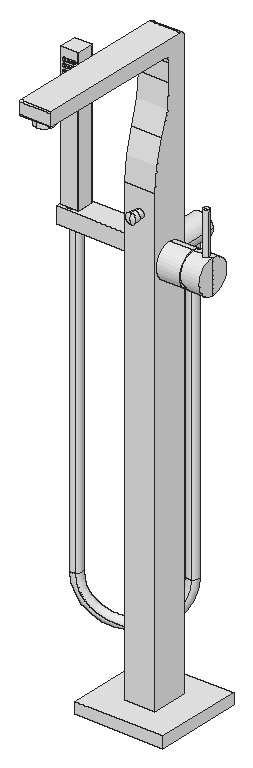
Revit family "Bath_Mixer-GROHE-Eurocube-23672000", category Plumbing Fixtures, Revit 2014
Parameters (values of type "D35900900.100")
  Width = 7 13/16"  # constant formula
  Waste Connection = no
  Warranty Documentation Link = "https://www.dxv.com/-/media/files/dxv/warranty/dxv_warranty_booklet.ashx"
  WFU = 4  # constant formula
  Vent Connection = no
  URL = ""
  Tempered Water Connection Diameter = 1/2"  # constant formula
  Product Page URL = "https://www.dxv.com/product/square-floor-mount-tub-faucet-by-dxv"
  Product Documentation Link = "https://dxv01.blob.core.windows.net/dxv-product-pdf-files/spec_D35900900_DXV_Square_FMTF_EN.pdf"
  Price = "Prices may vary. Please consult Manufacturer Representative for most up-to-date price list."  # constant formula
  Model = "D35900900.100"
  Materials = Cast Brass-DXV-100-Polished Chrome
  Manufacturer = "DXV"  # constant formula
  Length = 7 3/8"  # constant formula
  Installation Type = "Floor Mounted"  # constant formula
  Hot Water Connection Diameter = 1/2"  # constant formula
  Height = 32 5/8"  # constant formula
  HWFU = 3  # constant formula
  HW Connection = yes
  Flow Rate = "2.0 gpm (7.6 L/min)"
  Description = "Square Floor Mount Tub Filler"
  Default Elevation = 0"
  Creation Date = "03/15/2019"  # constant formula
  Cold Water Connection Diameter = 1/2"  # constant formula
  CWFU = 3  # constant formula
  CW Connection = yes
  Assembly Code = "D2020300"
Types (7): name | Product Page URL | Model | Materials | Flow Rate
  (no name) | "https://www.dxv.com/product/square-floor-mount-tub-faucet-by-dxv" | "D35900900.100" | Cast Brass-DXV-100-Polished Chrome | "2.0 gpm (7.6 L/min)"
  D35900900.100 | "https://www.dxv.com/product/square-floor-mount-tub-faucet-by-dxv" | "D35900900.100" | Cast Brass-DXV-100-Polished Chrome | "2.0 gpm (7.6 L/min)"
  D35900900C.100 | "https://www.dxv.com/product/square-water-saving-floor-mount-bathtub-faucet" | "D35900900C.100" | Cast Brass-DXV-100-Polished Chrome | "1.8 gpm (6.8 L/min)"
  D35900900.144 | "https://www.dxv.com/product/square-floor-mount-tub-faucet-by-dxv" | "D35900900.144" | Cast Brass-DXV-144-Brushed Nickel | "2.0 gpm (7.6 L/min)"
  D35900900C.144 | "https://www.dxv.com/product/square-water-saving-floor-mount-bathtub-faucet" | "D35900900C.144" | Cast Brass-DXV-144-Brushed Nickel | "1.8 gpm (6.8 L/min)"
  D35900900.243 | "https://www.dxv.com/product/square-floor-mount-tub-faucet-by-dxv" | "D35900900.243" | Cast Brass-DXV-243-Matte Black | "2.0 gpm (7.6 L/min)"
  D35900900C.243 | "https://www.dxv.com/product/square-water-saving-floor-mount-bathtub-faucet" | "D35900900C.243" | Cast Brass-DXV-243-Matte Black | "1.8 gpm (6.8 L/min)"
Reference planes (in)
  plane 1 "Center (Front/Back)": y = 0
  plane 2: z = 0
  plane 3 "Center (Left/Right)": x = 0
  plane 4: z = 32.625
  plane 5: x = -2.375
  plane 6: x = 2.375
  plane 7: y = -2.375
  plane 8: y = 2.375
  plane 9: z = 0.59055
  plane 10: x = -0.8125
  plane 11: x = 0.8125
  plane 12: x = -4.65625
  plane 13: x = 3.15625
  plane 14: z = 22
  plane 15: z = 21.09236
  plane 16: z = 25.15486
  plane 17: z = 22.96584
  plane 18: z = 30.59084
  plane 19: y = -7.375
  plane 20: y = 0.96875
  plane 21: y = -0.96875
Forms (in)
  Extrusion 1, solid, material "Cast Brass-DXV-100-Polished Chrome" <- "Materials"
    sketch origin (0, 0, 0) x (1, 0, 0) y (0, 1, 0)
      loop
        line (-2.375, 2.375) -> (-2.375, -2.375) -> (2.375, -2.375) -> (2.375, 2.375) -> (-2.375, 2.375)
    from 0 to 0.59055
  Extrusion 2, solid, material "Cast Brass-DXV-100-Polished Chrome" <- "Materials"
    sketch origin (0, 0, 0) x (0, 1, 0) y (0, 0, 1)
      loop
        line (0.76097, 32.625) -> (-7.9375, 32.625)
        arc (-7.9375, 32.625) -> (-7.98169, 32.60669) -> (-8, 32.5625) r 0.0625
        line (-8, 32.5625) -> (-8, 31.9375)
        arc (-8, 31.9375) -> (-7.98169, 31.89331) -> (-7.9375, 31.875) r 0.0625
        line (-7.9375, 31.875) -> (-0.37352, 31.875)
        arc (-0.37352, 31.875) -> (-0.1094, 31.7656) -> (0, 31.50148) r 0.37352
        line (0, 31.50148) -> (0, 30.55548)
        arc (0, 30.55548) -> (-0.12167, 29.29598) -> (-0.48219, 28.08307) r 6.57973
        arc (-0.48219, 28.08307) -> (-0.84597, 26.85914) -> (-0.96875, 25.58822) r 6.63945
        line (-0.96875, 25.58822) -> (-0.96875, 0.59055) -> (0.96875, 0.59055) -> (0.96875, 32.41722)
        arc (0.96875, 32.41722) -> (0.90789, 32.56414) -> (0.76097, 32.625) r 0.20778
    from -0.8125 to 0.8125
  Extrusion 3, solid, material "Cast Brass-DXV-100-Polished Chrome" <- "Materials"
    sketch origin (0, 0, 0) x (1, 0, 0) y (0, 1, 0)
      loop
        circle (-0.29957, 0) r 0.25
      loop
        circle (0.29957, 0) r 0.25
    from 0 to 0.0625
  Extrusion 4, solid, material "Cast Brass-DXV-100-Polished Chrome" <- "Materials"
    sketch origin (0, 0, -2.18077) x (1, 0, 0) y (0, 0, 1)
      loop
        circle (0, 24.18997) r 0.63423
    from -3.18155 to 0
  Revolve 5, solid, material "Cast Brass-DXV-100-Polished Chrome" <- "Materials"
    sketch origin (0, 0, 0.13173) x (0, 1, 0) y (0, 0, 1)
      loop
        line (-0.62351, 24.24625) -> (-0.62351, 24.46556) -> (-1.31901, 24.46556) -> (-1.31901, 24.52057) -> (-1.56123, 24.52057)
        arc (-1.56123, 24.52057) -> (-1.59982, 24.38575) -> (-1.61405, 24.24625) r 0.79272
        line (-1.61405, 24.24625) -> (-0.62351, 24.24625)
      axis (-1.61405, 24.24625) -> (-0.62351, 24.24625)
    angle from 0 to 360
  Sweep 6, solid, material "Cast Brass-DXV-100-Polished Chrome" <- "Materials"
    path origin (-1.53408, 1.66234, -2.18077) x (0.847773, 0.530359, 0) y (0, 0, 1)
      loop
        line (1.80955, 23.99107) -> (1.80955, 7.45534)
        arc (1.80955, 7.45534) -> (-0.65773, 4.98807) -> (-3.125, 7.45534) r 2.46727
        line (-3.125, 7.45534) -> (-3.125, 24.70534)
    profile origin (0, 2.62205, 13.54244) x (0.530359, -0.847773, 0) y (0.847773, 0.530359, 0)
      loop
        circle (0, 0) r 0.2891
  Revolve 7, solid, material "Cast Brass-DXV-100-Polished Chrome" <- "Materials"
    sketch origin (1.15022, 0, 0.13173) x (1, 0, 0) y (0, 0, 1)
      loop
        line (1.66437, 25.02313) -> (1.51055, 25.02313) -> (1.51055, 21.86827) -> (1.66437, 21.86827) -> (1.66437, 25.02313)
      axis (1.66437, 25.02313) -> (1.66437, 21.86827)
    angle from 0 to 360
  Revolve 8, solid, material "Cast Brass-DXV-100-Polished Chrome" <- "Materials"
    sketch origin (-5.15527, 0, 23.81631) x (1, 0, 0) y (0, 0, 1)
      loop
        line (0.55896, -0.99754) -> (0.55896, -1.21496) -> (0.60925, -1.26526) -> (0.60925, -1.3125) -> (0.97146, -1.3125) -> (0.97146, -0.83171) -> (0.66635, -0.83171)
        arc (0.66635, -0.83171) -> (0.65047, -0.91899) -> (0.60925, -0.99754) r 0.2937
        line (0.60925, -0.99754) -> (0.55896, -0.99754)
      axis (0.97146, -0.83171) -> (0.97146, -1.3125)
    angle from 0 to 360
  Revolve 9, solid, material "Cast Brass-DXV-100-Polished Chrome" <- "Materials"
    sketch origin (1.15022, 0, -0.25101) x (1, 0, 0) y (0, 0, 1)
      loop
        line (-1.15022, 22.25101) -> (2.00603, 22.25101) -> (2.00603, 23.15865) -> (0.99041, 23.15865) -> (0.99041, 23.01035) -> (0.95916, 23.01035) -> (0.95916, 23.15865) -> (-1.15022, 23.15865) -> (-1.15022, 22.25101)
      axis (2.00603, 22.25101) -> (-1.15022, 22.25101)
    angle from 0 to 360
  Extrusion 10, void
    sketch origin (0, 0, -0.38274) x (1, 0, 0) y (0, 0, 1)
      loop
        line (2.10938, 22.33765) -> (2.10938, 21.38493) -> (2.6053, 21.38493) -> (2.14063, 22.33765) -> (2.10938, 22.33765)
    from -1.03258 to 0.94048
  Revolve 11, solid, material "Cast Brass-DXV-100-Polished Chrome" <- "Materials"
    sketch origin (0, 0, -0.35712) x (1, 0, 0) y (0, 0, 1)
      loop
        line (2.10938, 22.38274) -> (2.10938, 21.54679)
        arc (2.10938, 21.54679) -> (2.38794, 21.92569) -> (2.49871, 22.38274) r 1.19487
        line (2.49871, 22.38274) -> (2.10938, 22.38274)
      axis (2.49871, 22.38274) -> (2.10938, 22.38274)
    angle from 0 to 360
  Extrusion 12, solid, material "Cast Brass-DXV-100-Polished Chrome" <- "Materials"
    sketch origin (-2.01018, 0, -1.07619) x (1, 0, 0) y (0, 1, 0)
      loop
        line (1.19768, -0.60781) -> (1.19768, 0.64219) -> (-2.72312, 0.64219) -> (-2.72312, 0.30006) -> (-2.5661, 0.30006)
        arc (-2.5661, 0.30006) -> (-1.69711, 0) -> (-2.5661, -0.30006) r 0.4863
        line (-2.5661, -0.30006) -> (-2.72312, -0.30006) -> (-2.72312, -0.60781) -> (1.19768, -0.60781)
    from 23.11731 to 23.98244
  Extrusion 13, solid, material "Cast Brass-DXV-100-Polished Chrome" <- "Materials"
    sketch origin (-5.15527, 0, 22.57213) x (1, 0, 0) y (0, 1, 0)
      loop
        line (1.42385, 0.47243) -> (0.51906, 0.47243)
        arc (0.51906, 0.47243) -> (0.50489, 0.46656) -> (0.49902, 0.45239) r 0.02004
        line (0.49902, 0.45239) -> (0.49902, -0.45239)
        arc (0.49902, -0.45239) -> (0.50489, -0.46656) -> (0.51906, -0.47243) r 0.02004
        line (0.51906, -0.47243) -> (1.42385, -0.47244)
        arc (1.42385, -0.47244) -> (1.43802, -0.46656) -> (1.44389, -0.45239) r 0.02004
        line (1.44389, -0.45239) -> (1.44389, 0.45239)
        arc (1.44389, 0.45239) -> (1.43802, 0.46656) -> (1.42385, 0.47243) r 0.02004
    from 0.39371 to 8.01871
  Extrusion 14, solid, material "Cast Brass-DXV-100-Polished Chrome" <- "Materials"
    sketch origin (-5.15527, 0, 23.35338) x (1, 0, 0) y (0, 0, 1)
      loop
        circle (0.70374, 6.70916) r 0.06317
      loop
        circle (0.88287, 6.70916) r 0.06317
      loop
        circle (0.70374, 6.41389) r 0.06317
      loop
        circle (0.88287, 6.41389) r 0.06317
      loop
        circle (0.70374, 6.1186) r 0.06317
      loop
        circle (0.88287, 6.1186) r 0.06317
      loop
        circle (0.70374, 5.82334) r 0.06317
      loop
        circle (0.88287, 5.82334) r 0.06317
      loop
        circle (0.70374, 5.52806) r 0.06317
      loop
        circle (0.88287, 5.52806) r 0.06317
      loop
        circle (0.70374, 5.23279) r 0.06317
      loop
        circle (0.88287, 5.23279) r 0.06317
      loop
        circle (0.70374, 4.9375) r 0.06317
      loop
        circle (0.88287, 4.9375) r 0.06317
      loop
        circle (0.70374, 4.64222) r 0.06317
      loop
        circle (0.88287, 4.64222) r 0.06317
      loop
        circle (1.23917, 6.70916) r 0.06317
      loop
        circle (1.06004, 6.70916) r 0.06317
      loop
        circle (1.23917, 6.41389) r 0.06317
      loop
        circle (1.06004, 6.41389) r 0.06317
      loop
        circle (1.23917, 6.1186) r 0.06317
      loop
        circle (1.06004, 6.1186) r 0.06317
      loop
        circle (1.23917, 5.82334) r 0.06317
      loop
        circle (1.06004, 5.82334) r 0.06317
      loop
        circle (1.23917, 5.52806) r 0.06317
      loop
        circle (1.06004, 5.52806) r 0.06317
      loop
        circle (1.23917, 5.23279) r 0.06317
      loop
        circle (1.06004, 5.23279) r 0.06317
      loop
        circle (1.23917, 4.9375) r 0.06317
      loop
        circle (1.06004, 4.9375) r 0.06317
      loop
        circle (1.23917, 4.64222) r 0.06317
      loop
        circle (1.06004, 4.64222) r 0.06317
    from 0 to 0.5315
  Revolve 15, solid, material "Cast Brass-DXV-100-Polished Chrome" <- "Materials"
    sketch origin (0, 0, 0.29) x (0, 1, 0) y (0, 0, 1)
      loop
        line (-7.375, 31.585) -> (-7.875, 31.585) -> (-7.875, 31.26115) -> (-7.375, 31.26115) -> (-7.375, 31.585)
      axis (-7.375, 31.26115) -> (-7.375, 31.585)
    angle from 0 to 360
Cuts and joins
  Extrusion 10 cuts Revolve 7
  Extrusion 10 cuts Revolve 9
  joined: Extrusion 1, Extrusion 2, Extrusion 3, Extrusion 4, Revolve 5, Sweep 6, Revolve 7, Revolve 8, Revolve 9, Revolve 11, Extrusion 12, Extrusion 13, Extrusion 14, Revolve 15
Lines and regions (in)
  Masking region 1
    outline origin (0, 0, 0) x (1, 0, 0) y (0, 1, 0)
      loop
        line (-4.73329, -0.60781) -> (-2.375, -0.60781) -> (-2.375, -2.375) -> (-0.8125, -2.375) -> (-0.8125, -8) -> (0.8125, -8) -> (0.8125, -2.375) -> (2.375, -2.375) -> (2.375, -0.90764) -> (3.15625, -0.90764) -> (3.15625, 0.90764) -> (2.375, 0.90764) -> (2.375, 2.375) -> (0.62794, 2.375) -> (0.62794, 3.18155) -> (-0.63423, 3.18155) -> (-0.63423, 2.56674) -> (-0.94107, 2.375) -> (-2.375, 2.375) -> (-2.375, 1.47898) -> (-3.71414, 0.64219) -> (-4.73329, 0.64219) -> (-4.73329, 0.30006) -> (-4.65625, 0.30006) -> (-4.65625, -0.30006) -> (-4.73329, -0.30006) -> (-4.73329, -0.60781)
      loop
        line (-2.375, 0.78816) -> (-2.60687, 0.64219) -> (-2.375, 0.64219) -> (-2.375, 0.78816)
  symbolic lines, detail levels fine
    curve 1: line (-3.71414, 0.64219, 0) -> (-2.60687, 0.64219, 0)
    curve 7: line (-0.63423, 1.88399, 0) -> (-0.63423, 2.56674, 0)
    curve 8: line (-0.8125, 0.64219, 0) -> (-0.8125, -0.60781, 0)
    curve 10: line (2.10938, -0.8373, 0) -> (2.10938, 0.8373, 0)
    curve 11: line (2.14063, 0.80605, 0) -> (2.14063, -0.80605, 0)
    curve 12: circle (2.81459, 0, 0) r 0.15382 normal (0, 0, -1)
    curve 13: line (-0.63423, 0.96875, 0) -> (0.62794, 0.96875, 0)
    curve 30: line (0.8125, 0.90764, 0) -> (0.8125, -0.90764, 0)
    curve 37: arc (-4.30889, 0.47243, 0) -> (-4.19358, 0.4863, 0) -> (-4.07828, 0.47243, 0) r 0.4863
    curve 40: arc (-3.71138, 0.06295, 0) -> (-3.70728, 0, 0) -> (-3.71138, -0.06295, 0) r 0.4863
    curve 41: arc (-4.15849, -0.48503, 0) -> (-4.18393, -0.48621, 0) -> (-4.2094, -0.48604, 0) r 0.4863
    curve 42: line (-4.5147, -0.5315, 0) -> (-4.3885, -0.5315, 0)
    curve 43: line (-4.5147, -0.5315, 0) -> (-4.5147, -0.47244, 0)
    curve 44: line (-4.3885, -0.5315, 0) -> (-4.3885, -0.47244, 0)
    curve 45: line (-4.33591, -0.5315, 0) -> (-4.33591, -0.47244, 0)
    curve 46: line (-4.2094, -0.5315, 0) -> (-4.2094, -0.47244, 0)
    curve 47: line (-4.15849, -0.5315, 0) -> (-4.15849, -0.47244, 0)
    curve 48: line (-4.03224, -0.5315, 0) -> (-4.03224, -0.47244, 0)
    curve 49: line (-3.97926, -0.5315, 0) -> (-3.97926, -0.47244, 0)
    curve 50: line (-4.33591, -0.5315, 0) -> (-4.2094, -0.5315, 0)
    curve 51: line (-4.15849, -0.5315, 0) -> (-4.03224, -0.5315, 0)
    curve 52: line (-3.97926, -0.5315, 0) -> (-3.85293, -0.5315, 0)
    curve 53: line (-3.85293, -0.5315, 0) -> (-3.85293, -0.47244, 0)
  symbolic lines, detail levels medium+fine
    curve 2: line (-0.8125, 0.64219, 0) -> (-0.8125, 0.96875, 0)
    curve 3: line (-0.8125, 0.96875, 0) -> (-0.63423, 0.96875, 0)
    curve 4: line (-0.63423, 0.96875, 0) -> (-0.63423, 1.88399, 0)
    curve 5: line (-2.375, 0.78816, 0) -> (-0.63423, 1.88399, 0)
    curve 6: line (-2.375, 1.47898, 0) -> (-0.94107, 2.375, 0)
    curve 9: line (0.8125, 0.96875, 0) -> (0.8125, 0.90764, 0)
    curve 14: line (-2.375, -0.60781, 0) -> (-0.8125, -0.60781, 0)
    curve 15: line (0.62794, 2.375, 0) -> (0.62794, 0.96875, 0)
    curve 16: line (2.14063, -0.80605, 0) -> (2.10938, -0.8373, 0)
    curve 17: line (2.14063, 0.80605, 0) -> (2.10938, 0.8373, 0)
    curve 18: line (2.10938, -0.90764, 0) -> (0.8125, -0.90764, 0)
    curve 19: line (2.14063, -0.90764, 0) -> (2.375, -0.90764, 0)
    curve 20: line (2.10938, 0.90764, 0) -> (0.8125, 0.90764, 0)
    curve 21: line (2.14063, 0.90764, 0) -> (2.375, 0.90764, 0)
    curve 22: line (2.10938, 0.90764, 0) -> (2.10938, 0.8373, 0)
    curve 23: line (2.14063, 0.90764, 0) -> (2.14063, 0.80605, 0)
    curve 24: line (2.10938, -0.8373, 0) -> (2.10938, -0.90764, 0)
    curve 25: line (2.14063, -0.80605, 0) -> (2.14063, -0.90764, 0)
    curve 26: line (-2.375, 0.64219, 0) -> (-0.8125, 0.64219, 0)
    curve 27: line (-0.8125, -0.60781, 0) -> (-0.8125, -2.375, 0)
    curve 28: line (0.8125, -0.90764, 0) -> (0.8125, -2.375, 0)
    curve 29: line (0.62794, 0.96875, 0) -> (0.8125, 0.96875, 0)
    curve 31: line (-3.73142, 0.47243, 0) -> (-4.63621, 0.47243, 0)
    curve 32: line (-4.65625, 0.45239, 0) -> (-4.65625, -0.45239, 0)
    curve 33: line (-4.63621, -0.47244, 0) -> (-3.73142, -0.47244, 0)
    curve 34: line (-3.71138, -0.45239, 0) -> (-3.71138, 0.45239, 0)
    curve 35: arc (-4.63621, 0.47243, 0) -> (-4.65038, 0.46656, 0) -> (-4.65625, 0.45239, 0) r 0.02004
    curve 36: arc (-3.71138, 0.45239, 0) -> (-3.71725, 0.46656, 0) -> (-3.73142, 0.47243, 0) r 0.02004
    curve 38: arc (-4.65625, -0.45239, 0) -> (-4.65038, -0.46656, 0) -> (-4.63621, -0.47243, 0) r 0.02004
    curve 39: arc (-3.73142, -0.47243, 0) -> (-3.71725, -0.46656, 0) -> (-3.71138, -0.45239, 0) r 0.02004
Dimensions and locks (in)
  equal spacing: plane 5, plane 3 "Center (Left/Right)", plane 6
  plane 5 to plane 6 = 4 3/4"
  equal spacing: plane 8, plane 1 "Center (Front/Back)", plane 7
  plane 7 to plane 8 = 4 3/4"
  plane 9 to level = 0.59055"
  equal spacing: plane 11, plane 3 "Center (Left/Right)", plane 10
  plane 11 to plane 10 = 1 5/8"
  "Height": plane 4 to level
  plane 14 to level = 22"
  plane 16 to plane 15 = 4 1/16"
  plane 18 to plane 17 = 7 5/8"
  "Width": plane 13 to plane 12
  "Length": plane 1 "Center (Front/Back)" to plane 19
  equal spacing: plane 20, plane 1 "Center (Front/Back)", plane 21
  plane 20 to plane 21 = 1 15/16"
  aligned and locked: plane 14 to Revolve 7 sketch curve
  aligned and locked: plane 16 to Revolve 7 sketch curve
  aligned and locked: plane 18 to Extrusion 13
  aligned and locked: Extrusion 13 to plane 17
  aligned and locked: Extrusion 2 to Extrusion 1
  aligned and locked: Extrusion 2 to plane 10
  aligned and locked: Extrusion 2 to plane 11
  aligned and locked: Masking region 1 sketch curve to cut or joined group 1 (Extrusion 1, Extrusion 2, Extrusion 3, Extrusion 4, Revolve 5, Sweep 6, Revolve 7, Revolve 8, Revolve 9, Extrusion 10, Revolve 11, Extrusion 12, Extrusion 13, Extrusion 14, Revolve 15)  (x9)
  aligned and locked: cut or joined group 1 to Masking region 1 sketch curve  (x7)
  aligned and locked: curve 12 to cut or joined group 1
  aligned and locked: curve 31 to cut or joined group 1
  aligned and locked: curve 32 to cut or joined group 1
  aligned and locked: curve 33 to cut or joined group 1
  aligned and locked: curve 34 to cut or joined group 1
  aligned and locked: curve 35 to cut or joined group 1
  aligned and locked: curve 36 to cut or joined group 1
  aligned and locked: curve 37 to cut or joined group 1
  aligned and locked: curve 38 to cut or joined group 1
  aligned and locked: curve 39 to cut or joined group 1
  aligned and locked: curve 42 to cut or joined group 1
  aligned and locked: Masking region 1 sketch curve to curve 5
Automatic sketch dimensions
  Extrusion 1 sketch curve to plane 5 = 0"
  Extrusion 1 sketch curve to plane 6 = 0"
  Extrusion 1 sketch curve to plane 7 = 0"
  plane 8 to Extrusion 1 sketch curve = 0"
  Extrusion 2 sketch curve to plane 4 = 0"
  Extrusion 2 sketch curve to plane 9 = 0"
  Extrusion 2 sketch curve to plane 21 = 0"
  Extrusion 2 sketch curve to plane 1 "Center (Front/Back)" = 0"
  Extrusion 2 sketch curve to plane 20 = 0"
  Extrusion 2 sketch curve to plane 18 = 0.03536"
  plane 19 to Extrusion 2 sketch curve = 0.79527"
  Extrusion 2 sketch curve to plane 4 = 1/16"
  Extrusion 2 sketch curve to plane 19 = 9/16"
  Extrusion 2 sketch curve to Extrusion 2 sketch curve = 1/16"
  plane 1 "Center (Front/Back)" to Extrusion 2 sketch curve = 0.37352"
  plane 20 to Extrusion 2 sketch curve = 0.20778"
  plane 16 to Extrusion 2 sketch curve = 0.43335"
  Extrusion 2 sketch curve to plane 8 = 3.2957"
  plane 18 to Extrusion 2 sketch curve = 0.91064"
  plane 1 "Center (Front/Back)" to Extrusion 3 sketch curve = 0"  (x2)
  Extrusion 3 sketch curve to plane 3 "Center (Left/Right)" = 0.29957"
  plane 3 "Center (Left/Right)" to Extrusion 3 sketch curve = 0.29957"
  Extrusion 4 sketch curve to plane 3 "Center (Left/Right)" = 0"
  Extrusion 4 sketch curve to plane 14 = 0.0092"
  plane 21 to Revolve 5 sketch curve = 0.6453"
  Revolve 5 sketch curve to Revolve 5 sketch curve = 0.05281"
  Revolve 5 sketch curve to Revolve 5 sketch curve = 0.24222"
  Revolve 5 sketch curve to plane 21 = 0.14735"
  Revolve 5 sketch curve to Revolve 5 sketch curve = 0.19788"
  Revolve 5 sketch curve to plane 16 = 0.78724"
  Revolve 5 sketch curve to Revolve 5 sketch curve = 0.01036"  (x2)
  Revolve 5 sketch curve to Revolve 5 sketch curve = 0.21931"
  Revolve 5 sketch curve to Revolve 5 sketch curve = 0.01786"
  Revolve 5 sketch curve to Revolve 5 sketch curve = 0.11598"
  plane 9 to Sweep 6 sketch curve = 4.68402"
  Sweep 6 sketch curve to Sweep 6 sketch curve = 2.46727"
  plane 14 to Sweep 6 sketch curve = 0.1897"
  Sweep 6 sketch curve to plane 17 = 0.44127"
  profile plane to Sweep 6 sketch curve = 0"  (x2)
  Revolve 7 sketch curve to plane 6 = 0.28576"
  Revolve 7 sketch curve to Revolve 7 sketch curve = 0.15382"
  Revolve 7 sketch curve to plane 13 = 0.34166"
  Revolve 7 sketch curve to Revolve 7 sketch curve = 0.86603"
  Revolve 7 sketch curve to Revolve 7 sketch curve = 1/4"
  plane 17 to Revolve 8 sketch curve = 0.02711"
  Revolve 8 sketch curve to plane 12 = 0.12625"
  plane 12 to Revolve 8 sketch curve = 0.05994"
  Revolve 8 sketch curve to Revolve 8 sketch curve = 0.0503"  (x3)
  plane 17 to Revolve 8 sketch curve = 0.01876"
  plane 12 to Revolve 8 sketch curve = 0.16733"
  Revolve 8 sketch curve to Revolve 8 sketch curve = 0.3622"
  Revolve 8 sketch curve to Revolve 8 sketch curve = 0.21742"
  Revolve 8 sketch curve to Revolve 8 sketch curve = 0.04724"
  plane 12 to Revolve 8 sketch curve = 0.47244"
  Revolve 8 sketch curve to Revolve 8 sketch curve = 0.41392"
  Revolve 8 sketch curve to Revolve 8 sketch curve = 0.06636"
  Revolve 9 sketch curve to plane 14 = 0"  (x2)
  Revolve 9 sketch curve to plane 3 "Center (Left/Right)" = 0"
  Revolve 9 sketch curve to plane 13 = 0"
  Revolve 9 sketch curve to plane 17 = 0.05821"
  plane 6 to Revolve 9 sketch curve = 17/64"
  Revolve 9 sketch curve to Revolve 9 sketch curve = 1/32"
  Revolve 9 sketch curve to Revolve 9 sketch curve = 0.1483"
  Revolve 9 sketch curve to Revolve 9 sketch curve = 0"
  Revolve 9 sketch curve to Revolve 9 sketch curve = 0.38423"
  Revolve 9 sketch curve to plane 10 = 0.43284"
  Extrusion 10 sketch curve to plane 15 = 0.09018"
  plane 6 to Extrusion 10 sketch curve = 17/64"
  plane 14 to Extrusion 10 sketch curve = 0.04509"
  Extrusion 10 sketch curve to Extrusion 10 sketch curve = 1/32"
  Extrusion 10 sketch curve to plane 6 = 0.2303"
  Revolve 11 sketch curve to plane 14 = 0.07304"
  Revolve 11 sketch curve to plane 11 = 0.49228"
  plane 15 to Revolve 11 sketch curve = 0.0973"
  plane 6 to Revolve 11 sketch curve = 17/64"
  Revolve 11 sketch curve to plane 14 = 0.02562"  (x2)
  Revolve 11 sketch curve to Revolve 11 sketch curve = 0.18813"
  Revolve 11 sketch curve to Revolve 11 sketch curve = 0.11464"
  plane 1 "Center (Front/Back)" to Extrusion 12 sketch curve = 0"
  Extrusion 12 sketch curve to plane 10 = 0"
  plane 12 to Extrusion 12 sketch curve = 0.46267"
  plane 12 to Extrusion 12 sketch curve = 0.07997"  (x2)
  Extrusion 12 sketch curve to plane 12 = 0.07704"  (x2)
  plane 1 "Center (Front/Back)" to Extrusion 12 sketch curve = 0.30006"
  Extrusion 12 sketch curve to plane 21 = 0.36094"
  plane 20 to Extrusion 12 sketch curve = 0.32656"
  Extrusion 13 sketch curve to plane 12 = 0"
  Extrusion 13 sketch curve to Extrusion 13 sketch curve = 0.02004"  (x2)
  plane 12 to Extrusion 13 sketch curve = 0.02004"
  Extrusion 13 sketch curve to Extrusion 13 sketch curve = 0.90479"
  plane 1 "Center (Front/Back)" to Extrusion 13 sketch curve = 0.45239"  (x2)
  Extrusion 13 sketch curve to Extrusion 13 sketch curve = 0"  (x4)
  Extrusion 13 sketch curve to plane 1 "Center (Front/Back)" = 0.45239"
  plane 12 to Extrusion 14 sketch curve = 0.20472"  (x8)
  Extrusion 14 sketch curve to Extrusion 14 sketch curve = 0.17913"  (x16)
  Extrusion 14 sketch curve to Extrusion 14 sketch curve = 0.17717"  (x8)
  Extrusion 14 sketch curve to plane 18 = 2.59523"
  Extrusion 14 sketch curve to Extrusion 14 sketch curve = 0"  (x22)
  Extrusion 14 sketch curve to Extrusion 14 sketch curve = 0.29528"  (x4)
  Extrusion 14 sketch curve to Extrusion 14 sketch curve = 0.29529"  (x3)
  Extrusion 14 sketch curve to Extrusion 14 sketch curve = 0.29527"  (x2)
  Revolve 15 sketch curve to plane 19 = 0"  (x2)
  Revolve 15 sketch curve to plane 19 = 1/2"
  plane 18 to Revolve 15 sketch curve = 0.96032"
  Revolve 15 sketch curve to Revolve 15 sketch curve = 0.32384"
  Revolve 15 sketch curve to Revolve 15 sketch curve = 0.11759"
  Revolve 15 sketch curve to Revolve 15 sketch curve = 0.14207"
  Masking region 1 sketch curve to plane 6 = 0"
  plane 12 to Masking region 1 sketch curve = 0.94211"
  Masking region 1 sketch curve to plane 10 = 0.12857"
  plane 10 to Masking region 1 sketch curve = 0.17827"
  plane 11 to Masking region 1 sketch curve = 0.18456"
  Masking region 1 sketch curve to plane 19 = 5/8"
  plane 20 to Masking region 1 sketch curve = 0.06111"
  Masking region 1 sketch curve to plane 20 = 0.51023"
  Masking region 1 sketch curve to plane 8 = 0.19174"
  Masking region 1 sketch curve to plane 10 = 0"
  Masking region 1 sketch curve to plane 7 = 0"
  Masking region 1 sketch curve to plane 21 = 0.06111"
  Masking region 1 sketch curve to plane 5 = 0"  (x2)
  curve 37 to curve 40 = 0"
  curve 37 to curve 41 = 0"  (x2)
  curve 40 to curve 41 = 0"
  curve 32 to plane 12 = 0"
  plane 1 "Center (Front/Back)" to curve 37 = 0"
  curve 26 to plane 5 = 0"
  curve 14 to plane 5 = 0"
  curve 6 to plane 5 = 0"
  curve 5 to plane 5 = 0"
  plane 8 to curve 6 = 0"
  curve 8 to plane 10 = 0"
  plane 20 to curve 4 = 0"
  plane 8 to curve 15 = 0"
  curve 29 to plane 11 = 0"
  curve 19 to plane 6 = 0"
  curve 21 to plane 6 = 0"
  curve 27 to plane 7 = 0"
  curve 28 to plane 7 = 0"
  curve 32 to curve 38 = 0.02004"
  curve 35 to curve 35 = 0.02004"
  curve 38 to curve 43 = 0.12151"
  curve 42 to curve 42 = 0.1262"
  curve 42 to curve 45 = 0.05259"
  curve 45 to curve 50 = 0.12651"
  plane 12 to curve 37 = 0.46267"
  curve 46 to curve 47 = 0.05091"
  curve 47 to curve 51 = 0.12625"
  curve 48 to curve 49 = 0.05298"
  curve 37 to curve 36 = 0.46217"
  curve 49 to curve 39 = 0.24784"
  curve 36 to curve 34 = 0.02004"
  plane 10 to curve 4 = 0.17827"
  plane 11 to curve 13 = 0.18456"
  curve 24 to plane 21 = 0.13145"
  plane 6 to curve 24 = 17/64"
  curve 10 to curve 25 = 1/32"  (x2)
  curve 18 to plane 21 = 0.06111"
  curve 18 to curve 19 = 0"
  curve 14 to plane 21 = 0.36094"
  curve 46 to plane 21 = 0.43725"
  curve 42 to curve 45 = 0"
  curve 46 to curve 47 = 0"
  curve 48 to curve 49 = 0"
  curve 42 to curve 38 = 0.07911"
  curve 52 to curve 34 = 0.07911"
  curve 32 to plane 1 "Center (Front/Back)" = 0.45239"
  curve 2 to curve 2 = 0.32656"
  plane 20 to curve 23 = 0.1627"
  curve 11 to curve 22 = 1/32"
  curve 20 to curve 9 = 0.06111"
  curve 20 to curve 23 = 0"
  plane 8 to curve 4 = 0.49101"
  curve 33 to curve 38 = 0"
  curve 31 to curve 37 = 0.32732"
  curve 49 to curve 53 = 0.12633"
  curve 33 to curve 39 = 0"
  curve 36 to curve 1 = 0.01728"
  curve 1 to curve 26 = 0.23187"
  curve 6 to plane 10 = 0.12857"
  curve 46 to curve 41 = 0.04545"
  curve 45 to curve 45 = 0.05906"
  plane 1 "Center (Front/Back)" to curve 40 = 0.06295"
  curve 1 to curve 26 = 0"
  curve 26 to curve 5 = 0.14596"
  curve 6 to plane 20 = 0.51023"
  curve 7 to plane 8 = 0.19174"
  radius of Extrusion 3 sketch curve = 1/4"  (x2)
  radius of Extrusion 4 sketch curve = 0.63423"
  radius of Sweep 6 sketch curve = 0.2891"
  radius of Extrusion 14 sketch curve = 0.06317"  (x32)
Connectors (in)
  piping at (-0.29957, 0, 0), diameter 0.5, driven by "Hot Water Connection Diameter", driven by "HWFU"
    settings: on Extrusion 3, index 1, connector inside diameter 24", connector length 0", flow factor 0, pipe flow 0 GPM, pressure drop 0.00 psi, fitting loss kfactor 0, connector angle 0.00°, fixture units 3, engagement length 0", angle of deflection 0.00°, flow configuration 3, flow direction 1, fitting loss method 0, system type 19, joint type 0, gender type 0, connector reference index -1, connector utility 0, adjustable connector no, is connector primary yes, connector description "1/2\" NPT HW Inlet"
  piping at (0.29957, 0, 0), diameter 0.5, driven by "Cold Water Connection Diameter", driven by "CWFU"
    settings: on Extrusion 3, index 2, connector inside diameter 24", connector length 0", flow factor 0, pipe flow 0 GPM, pressure drop 0.00 psi, fitting loss kfactor 0, connector angle 0.00°, fixture units 3, engagement length 0", angle of deflection 0.00°, flow configuration 3, flow direction 1, fitting loss method 0, system type 20, joint type 0, gender type 0, connector reference index -1, connector utility 0, adjustable connector no, is connector primary no, connector description "1/2 NPT CW Inlet"
